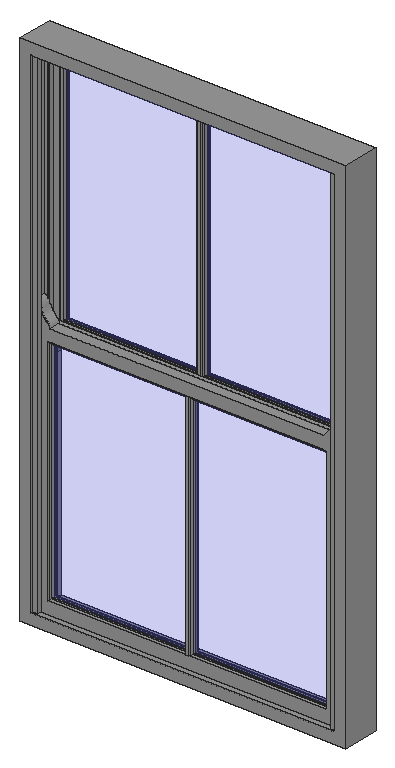
Revit family "HMEL6V", category Windows, host Wall, Revit 2015
Parameters (values of type "HMEL6V")
  Height = 2000 mm
  Default Lintel Height = 2100 mm
  Wall Closure = By host
  Width = 1250 mm
Reference planes
  plane 1 "Center (Front/Back)": y = 0
  plane 2 "Center (Left/Right)": x = 0
  plane 3 "Left": x = -625
  plane 4 "Right": x = 625
  plane 5 "Sill": z = 100
  plane 6 "Head": z = 2100
  plane 7 "Exterior": y = 100
  plane 8 "Interior": y = -100
  plane 9: y = -28.5
  plane 10: y = 23.5
  plane 11: z = 1100
  plane 12: z = 1128.5
  plane 13: z = 1071.5
Forms (mm)
  Sweep 1, solid, material "Lauan, Meranti"
    path origin (-10500, 23.5, 2100) x (0, 0, -1) y (-1, 0, 0)
      loop
        line (0, -11125) -> (2000, -11125) -> (2000, -9875) -> (0, -9875) -> (0, -11125)
    profile origin (0, 23.5, 2100) x (0, 0, 1) y (0, 1, 0)
      loop
        line (0, 46.5) -> (-42, 46.5) -> (-42, -93.5) -> (0, -93.5) -> (0, 46.5)
  Extrusion 2, solid, material "Lauan, Meranti"
    sketch origin (-10450, 7.5, 1562.5) x (0, 0, -1) y (-1, 0, 0)
      loop
        line (491, -10976) -> (491, -11033) -> (576, -11033)
        spline (576, -11033) -> (568.022, -11020.331) -> (558.494, -11013.581) -> (548.752, -11010.386) -> (540.116, -11008.399) -> (533.202, -11006.197) -> (527.644, -11003.636) -> (523.005, -11000.669) -> (518.783, -10997.149) -> (514.297, -10992.644) -> (508.83, -10986.691) -> (501.472, -10980.147) -> (491, -10976)
      loop
        spline (491, -9924) -> (501.472, -9919.853) -> (508.83, -9913.309) -> (514.297, -9907.356) -> (518.783, -9902.851) -> (523.005, -9899.331) -> (527.644, -9896.364) -> (533.202, -9893.803) -> (540.116, -9891.601) -> (548.752, -9889.614) -> (558.494, -9886.419) -> (568.022, -9879.669) -> (576, -9867)
        line (576, -9867) -> (491, -9867) -> (491, -9924)
    from 0 to 42
  Extrusion 3, solid, material "Lauan, Meranti"
    sketch origin (-10450, -49.5, 637.5) x (0, 0, 1) y (1, 0, 0)
      loop
        spline (491, 10976) -> (501.472, 10980.147) -> (508.83, 10986.691) -> (514.297, 10992.644) -> (518.783, 10997.149) -> (523.005, 11000.669) -> (527.644, 11003.636) -> (533.202, 11006.197) -> (540.116, 11008.399) -> (548.752, 11010.386) -> (558.494, 11013.581) -> (568.022, 11020.331) -> (576, 11033)
        line (576, 11033) -> (491, 11033) -> (491, 10976)
      loop
        line (491, 9924) -> (491, 9867) -> (576, 9867)
        spline (576, 9867) -> (568.022, 9879.669) -> (558.494, 9886.419) -> (548.752, 9889.614) -> (540.116, 9891.601) -> (533.202, 9893.803) -> (527.644, 9896.364) -> (523.005, 9899.331) -> (518.783, 9902.851) -> (514.297, 9907.356) -> (508.83, 9913.309) -> (501.472, 9919.853) -> (491, 9924)
    from 0 to 42
  Extrusion 4, solid, material "Lauan, Meranti"
    sketch origin (-350, 0, -550) x (0, -1, 0) y (0, 0, 1)
      loop
        line (7.5, 1678.5) -> (-7.5, 1678.5) -> (-7.5, 1659.5) -> (-4.5, 1659.5) -> (-4.5, 1656.5) -> (7.5, 1656.5) -> (7.5, 1672) -> (0.5, 1672) -> (0.5, 1675) -> (7.5, 1675) -> (7.5, 1678.5)
    from 211 to -911
  Sweep 5, solid, material "Lauan, Meranti"
    path origin (-10399.837, 31, 2104.007) x (0, 0, -1) y (-1, 0, 0)
      loop
        line (46.007, -10982.837) -> (1032.507, -10982.837) -> (1032.507, -9816.837) -> (46.007, -9816.837) -> (46.007, -10982.837)
    profile origin (0, 31, 2058) x (0, 0, 1) y (0, 1, 0)
      loop
        line (-48, 18.5) -> (-48, -6.5) -> (-57, -6.5) -> (-57, -14.499) -> (-53.996, -14.499)
        arc (-53.996, -14.499) -> (-52.238, -18.744) -> (-47.994, -20.502) r 6.002
        line (-47.994, -20.502) -> (-47.994, -23.5) -> (0, -23.5) -> (0, 18.5) -> (-48, 18.5)
  Sweep 6, solid, material "Lauan, Meranti"
    path origin (-10404.727, 16, 1888.176) x (0, 0, -1) y (-1, 0, 0)
      loop
        line (759.676, -10987.727) -> (1746.176, -10987.727) -> (1746.176, -9821.727) -> (759.676, -9821.727) -> (759.676, -10987.727)
    profile origin (0, 16, 1128.5) x (0, 0, 1) y (0, 1, 0)
      loop
        line (0, -65.5) -> (0, -23.5) -> (-48, -23.5) -> (-48, -48.5) -> (-57, -48.5) -> (-57, -56.499) -> (-53.996, -56.499)
        arc (-53.996, -56.499) -> (-52.238, -60.744) -> (-47.994, -62.502) r 6.002
        line (-47.994, -62.502) -> (-47.994, -65.5) -> (0, -65.5)
  Extrusion 7, solid, material "Lauan, Meranti"
    sketch origin (0, -31, -668.758) x (1, 0, 0) y (0, 1, 0)
      loop
        line (-6.5, 23.5) -> (-6.5, -1.5) -> (-15.5, -1.5) -> (-15.5, -9.5) -> (-12.5, -9.5)
        arc (-12.5, -9.5) -> (-10.743, -13.743) -> (-6.5, -15.5) r 6
        line (-6.5, -15.5) -> (-6.5, -18.5) -> (6.5, -18.5) -> (6.5, -15.5)
        arc (6.5, -15.5) -> (10.743, -13.743) -> (12.5, -9.5) r 6
        line (12.5, -9.5) -> (15.5, -9.5) -> (15.5, -1.5) -> (6.5, -1.5) -> (6.5, 23.5) -> (-6.5, 23.5)
    from 858.751 to 1749.264
  Extrusion 8, solid, material "Lauan, Meranti"
    sketch origin (0, 26, 434.202) x (1, 0, 0) y (0, 1, 0)
      loop
        line (-6.5, 23.5) -> (-6.5, -1.5) -> (-15.5, -1.5) -> (-15.5, -9.5) -> (-12.5, -9.5)
        arc (-12.5, -9.5) -> (-10.743, -13.743) -> (-6.5, -15.5) r 6
        line (-6.5, -15.5) -> (-6.5, -18.5) -> (6.5, -18.5) -> (6.5, -15.5)
        arc (6.5, -15.5) -> (10.743, -13.743) -> (12.5, -9.5) r 6
        line (12.5, -9.5) -> (15.5, -9.5) -> (15.5, -1.5) -> (6.5, -1.5) -> (6.5, 23.5) -> (-6.5, 23.5)
    from 685.298 to 1575.798
  Extrusion 9, solid, material "Lauan, Meranti"
    sketch origin (-4.429, 187.242, 743.618) x (1, 0, 0) y (0, 1, 0)
      loop
        line (565.429, -194.742) -> (568.929, -194.742) -> (568.929, -187.742) -> (571.929, -187.742) -> (571.929, -194.742) -> (587.429, -194.742) -> (587.429, -182.742) -> (584.429, -182.742) -> (584.429, -179.742) -> (565.429, -179.742) -> (565.429, -194.742)
      loop
        line (565.429, -236.742) -> (565.429, -251.742) -> (584.429, -251.742) -> (584.429, -248.742) -> (587.429, -248.742) -> (587.429, -236.742) -> (571.929, -236.742) -> (571.929, -243.742) -> (568.929, -243.742) -> (568.929, -236.742) -> (565.429, -236.742)
      loop
        line (-556.571, -194.742) -> (-556.571, -179.742) -> (-575.571, -179.742) -> (-575.571, -182.742) -> (-578.571, -182.742) -> (-578.571, -194.742) -> (-563.071, -194.742) -> (-563.071, -187.742) -> (-560.071, -187.742) -> (-560.071, -194.742) -> (-556.571, -194.742)
      loop
        line (-556.571, -236.742) -> (-560.071, -236.742) -> (-560.071, -243.742) -> (-563.071, -243.742) -> (-563.071, -236.742) -> (-578.571, -236.742) -> (-578.571, -248.742) -> (-575.571, -248.742) -> (-575.571, -251.742) -> (-556.571, -251.742) -> (-556.571, -236.742)
    from -601.618 to 1314.382
  Sweep 10, solid, material "Lauan, Meranti"
    path origin (82.663, 92.5, -1094.813) x (1, 0, 0) y (0, 0, 1)
      loop
        line (452.337, 2175.313) -> (-76.163, 2175.313) -> (-76.163, 1284.813) -> (452.337, 1284.813) -> (452.337, 2175.313)
    profile origin (270.75, 92.5, 1080.5) x (0, 0, -1) y (0, -1, 0)
      loop
        arc (0, 110.6) -> (4.67, 112.234) -> (7, 116.6) r 6.807
        line (7, 116.6) -> (9, 116.6) -> (9, 118.6) -> (0, 118.6) -> (0, 110.6)
  Sweep 11, solid, material "Lauan, Meranti"
    path origin (-103.221, 107.5, -616.638) x (1, 0, 0) y (0, 0, 1)
      loop
        line (638.221, 2626.638) -> (109.721, 2626.638) -> (109.721, 1736.138) -> (638.221, 1736.138) -> (638.221, 2626.638)
    profile origin (270.75, 107.5, 2010) x (0, 0, -1) y (0, -1, 0)
      loop
        arc (0, 68.6) -> (4.67, 70.234) -> (7, 74.6) r 6.807
        line (7, 74.6) -> (9, 74.6) -> (9, 76.6) -> (0, 76.6) -> (0, 68.6)
  Extrusion 12, solid, material "Glass"
    sketch origin (-10768.15, -32.5, 1043.925) x (0, 0, -1) y (-1, 0, 0)
      loop
        line (-36.581, -11303.156) -> (853.932, -11303.156) -> (853.932, -10774.65) -> (-36.581, -10774.65) -> (-36.581, -11303.156)
      loop
        line (-36.581, -10761.65) -> (853.932, -10761.65) -> (853.932, -10233.143) -> (-36.581, -10233.143) -> (-36.581, -10761.65)
    from 0 to 6.4
  Extrusion 13, solid, material "Glass"
    sketch origin (-10691.497, 24.5, 1607.893) x (0, 0, -1) y (-1, 0, 0)
      loop
        line (-402.107, -11226.497) -> (488.393, -11226.497) -> (488.393, -10697.997) -> (-402.107, -10697.997) -> (-402.107, -11226.497)
      loop
        line (-402.107, -10684.997) -> (488.393, -10684.997) -> (488.393, -10156.497) -> (-402.107, -10156.497) -> (-402.107, -10684.997)
    from 0 to 6.4
  Sweep 14, solid, material "Lauan, Meranti"
    path origin (-82.663, 92.5, -1094.813) x (-1, 0, 0) y (0, 0, -1)
      loop
        line (452.337, -2175.313) -> (452.337, -1284.813) -> (-76.163, -1284.813) -> (-76.163, -2175.313) -> (452.337, -2175.313)
    profile origin (-270.75, 92.5, 1080.5) x (0, 0, 1) y (0, -1, 0)
      loop
        line (0, 110.6) -> (0, 118.6) -> (-9, 118.6) -> (-9, 116.6) -> (-7, 116.6)
        arc (-7, 116.6) -> (-4.67, 112.234) -> (0, 110.6) r 6.807
  Sweep 15, solid, material "Lauan, Meranti"
    path origin (103.221, 107.5, -616.638) x (-1, 0, 0) y (0, 0, -1)
      loop
        line (638.221, -2626.638) -> (638.221, -1736.138) -> (109.721, -1736.138) -> (109.721, -2626.638) -> (638.221, -2626.638)
    profile origin (-270.75, 107.5, 2010) x (0, 0, 1) y (0, -1, 0)
      loop
        line (0, 68.6) -> (0, 76.6) -> (-9, 76.6) -> (-9, 74.6) -> (-7, 74.6)
        arc (-7, 74.6) -> (-4.67, 70.234) -> (0, 68.6) r 6.807
Cuts and joins
  joined: Extrusion 2, Sweep 5
  joined: Extrusion 3, Sweep 6
Lines and regions (mm)
  Opening 1
    outline origin (3500, -100, 0) x (1, 0, 0) y (0, 0, 1)
      loop
        line (-2875, 100) -> (-2875, 2100) -> (-4125, 2100) -> (-4125, 100) -> (-2875, 100)
  model lines
    curve 1: line (583, 49.5, 2058) -> (0, 49.5, 1071.5)
    curve 2: line (-583, 49.5, 2058) -> (0, 49.5, 1071.5)
    curve 3: line (-273.25, -7.5, 307.422) -> (-273.25, -7.5, 832.422)
    curve 4: line (-273.25, -7.5, 971.5) -> (-217.059, -7.5, 832.422)
    curve 5: line (-217.059, -7.5, 832.422) -> (-329.441, -7.5, 832.422)
    curve 6: line (-273.25, -7.5, 971.5) -> (-329.441, -7.5, 832.422)
Text (mm)
  text "EXTERIOR" at (-1963.203, 1332.353, 0), in view "Ref. Level"
  text "INTERIOR" at (-1981.466, -818.386, 0), in view "Ref. Level"
  text "Exterior" at (0, 923.751, 2943.296), in view "Right"
  text "Exterior" at (0, 1040.484, 2685.409), in view "Left"
Dimensions and locks
  equal spacing: plane 3 "Left", plane 2 "Center (Left/Right)", plane 4 "Right"
  "Width": plane 3 "Left" to plane 4 "Right"
  "Height": plane 5 "Sill" to plane 6 "Head"
  "Default Lintel Height": plane 6 "Head" to level
  locked: plane 7 "Exterior" to host wall at 0
  locked: plane 8 "Interior" to host wall
  locked: plane 10 to plane 9 at 52
  plane 3 "Left" to plane 4 "Right" = 1250 mm
  aligned and locked: Sweep 1 sketch curve to host wall  (x4)
  aligned and locked: Extrusion 12 sketch curve to Extrusion 12 sketch curve  (x2)
  aligned and locked: Extrusion 13 sketch curve to Extrusion 13 sketch curve
  aligned and locked: Sweep 6 sketch curve to Sweep 1  (x2)
  aligned and locked: Sweep 1 to Sweep 6 sketch curve
  aligned and locked: Sweep 6 sketch curve to plane 12
  aligned and locked: Sweep 10 sketch curve to Sweep 6  (x3)
  aligned and locked: Sweep 10 sketch curve to Extrusion 7
  aligned and locked: Extrusion 12 to Sweep 6  (x4)
  aligned and locked: Extrusion 12 to Extrusion 7  (x2)
  aligned and locked: Extrusion 7 to Sweep 6  (x2)
  aligned and locked: Extrusion 9 to Sweep 1  (x2)
  aligned and locked: Sweep 5 sketch curve to plane 13
  aligned and locked: Sweep 5 sketch curve to Sweep 1  (x2)
  aligned and locked: Sweep 1 to Sweep 5 sketch curve
  aligned and locked: Sweep 11 sketch curve to Sweep 5  (x2)
  aligned and locked: Sweep 11 sketch curve to Extrusion 8
  aligned and locked: Sweep 5 to Sweep 11 sketch curve
  aligned and locked: Extrusion 13 to Sweep 5  (x5)
  aligned and locked: Extrusion 13 to Extrusion 8  (x2)
  aligned and locked: Extrusion 8 to Sweep 5  (x2)
Automatic sketch dimensions
  plane 3 "Left" to Opening 1 sketch curve = 0 mm
  plane 4 "Right" to Opening 1 sketch curve = 0 mm
  Opening 1 sketch curve to plane 5 "Sill" = 0 mm
  Opening 1 sketch curve to plane 6 "Head" = 0 mm
  profile plane to Sweep 1 sketch curve = 0 mm
  profile plane to Sweep 1 sketch curve = 42 mm
  Sweep 1 sketch curve to plane 10 = 93.5 mm
  plane 10 to Sweep 1 sketch curve = 46.5 mm
  plane 2 "Center (Left/Right)" to curve 1 = 0 mm
  curve 1 to plane 13 = 0 mm
  curve 2 to plane 3 "Left" = 42 mm
  plane 4 "Right" to curve 1 = 42 mm
  plane 6 "Head" to curve 2 = 42 mm
  plane 6 "Head" to curve 1 = 42 mm
  plane 13 to curve 4 = 100 mm
  curve 4 to curve 4 = 139.078 mm
  curve 6 to plane 3 "Left" = 295.559 mm
  curve 5 to curve 4 = 56.191 mm
  curve 5 to curve 5 = 112.382 mm
  curve 3 to plane 5 "Sill" = 207.422 mm
  curve 3 to curve 4 = 56.191 mm
  Extrusion 2 sketch curve to plane 13 = 0 mm  (x2)
  Extrusion 2 sketch curve to plane 3 "Left" = 42 mm
  plane 13 to Extrusion 2 sketch curve = 85 mm  (x2)
  plane 4 "Right" to Extrusion 2 sketch curve = 42 mm
  Extrusion 2 sketch curve to Extrusion 2 sketch curve = 57 mm  (x2)
  Extrusion 3 sketch curve to plane 12 = 0 mm  (x2)
  Extrusion 3 sketch curve to plane 3 "Left" = 42 mm
  Extrusion 3 sketch curve to Extrusion 3 sketch curve = 85 mm  (x2)
  plane 4 "Right" to Extrusion 3 sketch curve = 42 mm
  Extrusion 3 sketch curve to Extrusion 3 sketch curve = 57 mm  (x2)
  Extrusion 4 sketch curve to plane 12 = 0 mm
  Extrusion 4 sketch curve to host wall = 7.5 mm
  Extrusion 4 sketch curve to Extrusion 4 sketch curve = 3 mm  (x2)
  host wall to Extrusion 4 sketch curve = 0.5 mm
  Extrusion 4 sketch curve to Extrusion 4 sketch curve = 7 mm
  host wall to Extrusion 4 sketch curve = 7.5 mm
  Extrusion 4 sketch curve to plane 12 = 3.5 mm
  plane 11 to Extrusion 4 sketch curve = 9.5 mm
  plane 11 to Extrusion 4 sketch curve = 6.5 mm
  profile plane to Sweep 5 sketch curve = 0 mm
  Sweep 5 sketch curve to profile plane = 23.5 mm
  Sweep 5 sketch curve to Sweep 5 sketch curve = 47.994 mm
  Sweep 5 sketch curve to Sweep 5 sketch curve = 0.006 mm
  Sweep 5 sketch curve to Sweep 5 sketch curve = 6.002 mm
  Sweep 5 sketch curve to Sweep 5 sketch curve = 3.004 mm
  Sweep 5 sketch curve to Sweep 5 sketch curve = 2.998 mm
  Sweep 5 sketch curve to profile plane = 6.5 mm
  profile plane to Sweep 5 sketch curve = 18.5 mm
  profile plane to Sweep 6 sketch curve = 0 mm
  Sweep 6 sketch curve to Sweep 6 sketch curve = 47.994 mm
  Sweep 6 sketch curve to Sweep 6 sketch curve = 0.006 mm
  Sweep 6 sketch curve to Sweep 6 sketch curve = 6.002 mm
  Sweep 6 sketch curve to Sweep 6 sketch curve = 3.004 mm
  Sweep 6 sketch curve to profile plane = 65.5 mm
  Sweep 6 sketch curve to Sweep 6 sketch curve = 2.998 mm
  Sweep 6 sketch curve to Sweep 6 sketch curve = 7.999 mm
  Sweep 6 sketch curve to profile plane = 23.5 mm
  plane 2 "Center (Left/Right)" to Extrusion 7 sketch curve = 15.5 mm
  Extrusion 7 sketch curve to Extrusion 7 sketch curve = 3 mm  (x3)
  plane 2 "Center (Left/Right)" to Extrusion 7 sketch curve = 6.5 mm  (x2)
  Extrusion 7 sketch curve to plane 2 "Center (Left/Right)" = 6.5 mm  (x2)
  Extrusion 7 sketch curve to Extrusion 7 sketch curve = 6 mm
  Extrusion 7 sketch curve to plane 9 = 4 mm  (x2)
  Extrusion 7 sketch curve to Extrusion 7 sketch curve = 8 mm
  Extrusion 7 sketch curve to plane 9 = 12 mm
  host wall to Extrusion 7 sketch curve = 7.5 mm
  Extrusion 8 sketch curve to plane 10 = 7 mm
  plane 2 "Center (Left/Right)" to Extrusion 8 sketch curve = 15.5 mm
  Extrusion 8 sketch curve to Extrusion 8 sketch curve = 3 mm  (x3)
  plane 10 to Extrusion 8 sketch curve = 1 mm  (x2)
  plane 2 "Center (Left/Right)" to Extrusion 8 sketch curve = 6.5 mm  (x2)
  Extrusion 8 sketch curve to plane 2 "Center (Left/Right)" = 6.5 mm  (x2)
  Extrusion 8 sketch curve to Extrusion 8 sketch curve = 6 mm
  Extrusion 8 sketch curve to host wall = 10.5 mm
  Extrusion 8 sketch curve to Extrusion 8 sketch curve = 25 mm
  Extrusion 9 sketch curve to plane 3 "Left" = 42 mm
  host wall to Extrusion 9 sketch curve = 7.5 mm  (x2)
  Extrusion 9 sketch curve to Extrusion 9 sketch curve = 0 mm  (x5)
  Extrusion 9 sketch curve to Extrusion 9 sketch curve = 3 mm  (x11)
  Extrusion 9 sketch curve to Extrusion 9 sketch curve = 15.5 mm  (x2)
  host wall to Extrusion 9 sketch curve = 0.5 mm  (x2)
  Extrusion 9 sketch curve to Extrusion 9 sketch curve = 3.5 mm  (x4)
  plane 4 "Right" to Extrusion 9 sketch curve = 64 mm
  Extrusion 9 sketch curve to plane 9 = 21 mm
  Extrusion 9 sketch curve to Extrusion 9 sketch curve = 12.5 mm  (x2)
  Extrusion 9 sketch curve to host wall = 4.5 mm  (x2)
  Extrusion 9 sketch curve to Extrusion 9 sketch curve = 7 mm  (x2)
  Extrusion 9 sketch curve to plane 9 = 28 mm
  Extrusion 9 sketch curve to Extrusion 9 sketch curve = 5 mm  (x2)
  Extrusion 9 sketch curve to Extrusion 9 sketch curve = 12 mm
  Extrusion 9 sketch curve to host wall = 7.5 mm
  Sweep 10 sketch curve to profile plane = 0 mm
  Sweep 10 sketch curve to profile plane = 0.241 mm
  Sweep 10 sketch curve to Sweep 10 sketch curve = 6.759 mm
  Sweep 10 sketch curve to Sweep 10 sketch curve = 2 mm  (x2)
  profile plane to Sweep 10 sketch curve = 110.6 mm
  Sweep 10 sketch curve to Sweep 10 sketch curve = 6 mm
  Sweep 11 sketch curve to profile plane = 0 mm
  Sweep 11 sketch curve to profile plane = 0.241 mm
  Sweep 11 sketch curve to Sweep 11 sketch curve = 6.759 mm
  Sweep 11 sketch curve to Sweep 11 sketch curve = 2 mm  (x2)
  profile plane to Sweep 11 sketch curve = 68.6 mm
  Sweep 11 sketch curve to Sweep 11 sketch curve = 6 mm
  Extrusion 12 sketch curve to plane 13 = 9.006 mm
  Extrusion 12 sketch curve to plane 5 "Sill" = 89.994 mm
  plane 4 "Right" to Extrusion 12 sketch curve = 89.994 mm
  Extrusion 12 sketch curve to plane 2 "Center (Left/Right)" = 6.5 mm
  plane 2 "Center (Left/Right)" to Extrusion 12 sketch curve = 6.5 mm
  Extrusion 12 sketch curve to plane 3 "Left" = 89.994 mm
  plane 4 "Right" to Extrusion 13 sketch curve = 90 mm
  plane 6 "Head" to Extrusion 13 sketch curve = 90 mm  (x2)
  Extrusion 13 sketch curve to plane 3 "Left" = 90 mm
  Extrusion 13 sketch curve to plane 12 = 9 mm
  Extrusion 13 sketch curve to plane 2 "Center (Left/Right)" = 6.5 mm
  plane 2 "Center (Left/Right)" to Extrusion 13 sketch curve = 6.5 mm
  plane 2 "Center (Left/Right)" to Sweep 14 sketch curve = 6.5 mm
  Sweep 14 sketch curve to plane 3 "Left" = 90 mm
  Sweep 14 sketch curve to plane 13 = 9 mm
  Sweep 14 sketch curve to plane 5 "Sill" = 90 mm
  profile plane to Sweep 14 sketch curve = 0 mm
  profile plane to Sweep 14 sketch curve = 0.241 mm
  Sweep 14 sketch curve to Sweep 14 sketch curve = 6.759 mm
  Sweep 14 sketch curve to Sweep 14 sketch curve = 2 mm  (x2)
  profile plane to Sweep 14 sketch curve = 110.6 mm
  Sweep 14 sketch curve to Sweep 14 sketch curve = 6 mm
  plane 2 "Center (Left/Right)" to Sweep 15 sketch curve = 6.5 mm
  Sweep 15 sketch curve to plane 12 = 9 mm
  Sweep 15 sketch curve to plane 3 "Left" = 90 mm
  plane 6 "Head" to Sweep 15 sketch curve = 90 mm
  profile plane to Sweep 15 sketch curve = 0 mm
  profile plane to Sweep 15 sketch curve = 0.241 mm
  Sweep 15 sketch curve to Sweep 15 sketch curve = 6.759 mm
  Sweep 15 sketch curve to Sweep 15 sketch curve = 2 mm  (x2)
  profile plane to Sweep 15 sketch curve = 68.6 mm
  Sweep 15 sketch curve to Sweep 15 sketch curve = 6 mm
